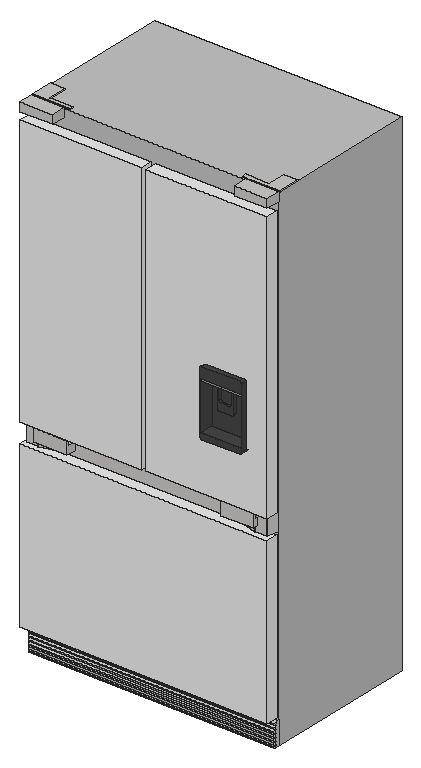
Revit family "FP-Revit20-RS90AU1-FrenchDoorFridgeFreezer-0-90005033A-NZ-AU-UK-IE-EU-CN-ASIA", category Specialty Equipment, Revit 2020 (continued)
Definition of nested family "F&P Handle Kit - Contemporary Round - Horizontal"
  Lines and regions (mm)
    sketch lines
      curve 2: arc (373, -32.3, -8.7) -> (373, -41, 0) -> (373, -32.3, 8.7) r 8.7
      curve 3: line (373, -32.3, -8.7) -> (373, 0, -8.7)
      curve 4: line (-373, -32.3, 8.7) -> (-373, 0, 8.7)
      curve 5: arc (-373, -32.3, 8.7) -> (-373, -41, 0) -> (-373, -32.3, -8.7) r 8.7
      curve 6: line (-373, 0, -8.7) -> (-373, -32.3, -8.7)
  Dimensions and locks
    equal spacing: plane 4 "Product LHS", plane 3 "Center (Left/Right)", plane 5 "Product RHS"
    "Product - Width": plane 4 "Product LHS" to plane 5 "Product RHS"
    locked: plane 4 "Product LHS" to plane 6 "LHS Standoff" at 120.005
    locked: plane 7 "RHS Standoff" to plane 5 "Product RHS" at 119.995
    equal spacing: Extrusion 2 sketch curve, level, Extrusion 2 sketch curve
    Extrusion 3 sketch curve to Extrusion 3 sketch curve = 17.4 mm
    Extrusion 6 sketch curve to Extrusion 6 sketch curve = 17.4 mm
    Extrusion 7 sketch curve to Extrusion 7 sketch curve = 17.4 mm
    aligned and locked: level to plane 2
    aligned and locked: plane 7 "RHS Standoff" to Extrusion 1
    aligned and locked: Extrusion 2 to Extrusion 1
    aligned and locked: Extrusion 2 to plane 5 "Product RHS"
    aligned and locked: plane 4 "Product LHS" to Extrusion 3
    aligned and locked: plane 6 "LHS Standoff" to Extrusion 3
    aligned and locked: Extrusion 1 to plane 6 "LHS Standoff"
    aligned and locked: Extrusion 6 to Extrusion 1
    aligned and locked: Extrusion 6 to plane 5 "Product RHS"
    aligned and locked: plane 4 "Product LHS" to Extrusion 7
    aligned and locked: Extrusion 7 to Extrusion 1
  Automatic sketch dimensions
    Extrusion 1 sketch curve to level = 0 mm
    plane 1 "Center (Front/Back)" to Extrusion 1 sketch curve = 32.3 mm
    Extrusion 2 sketch curve to plane 1 "Center (Front/Back)" = 0 mm
    Extrusion 2 sketch curve to level = 8.7 mm
    plane 1 "Center (Front/Back)" to Extrusion 2 sketch curve = 32.3 mm
    Extrusion 3 sketch curve to level = 0 mm
    Extrusion 3 sketch curve to plane 1 "Center (Front/Back)" = 0 mm
    Extrusion 3 sketch curve to level = 8.7 mm
    plane 1 "Center (Front/Back)" to Extrusion 3 sketch curve = 32.3 mm
    Sweep 4 sketch curve to profile plane = 0 mm
    profile plane to Sweep 4 sketch curve = 0 mm
    profile plane to Sweep 4 sketch curve = 1 mm
    Sweep 4 sketch curve to profile plane = 1 mm
    Sweep 5 sketch curve to profile plane = 0 mm  (x2)
    profile plane to Sweep 5 sketch curve = 1 mm
    Sweep 5 sketch curve to profile plane = 1 mm
    Extrusion 6 sketch curve to level = 0 mm
    level to Extrusion 6 sketch curve = 8.7 mm
    plane 1 "Center (Front/Back)" to Extrusion 6 sketch curve = 32.3 mm
    Extrusion 6 sketch curve to Extrusion 6 sketch curve = 32.3 mm
    Extrusion 7 sketch curve to level = 0 mm
    level to Extrusion 7 sketch curve = 8.7 mm
    plane 1 "Center (Front/Back)" to Extrusion 7 sketch curve = 32.3 mm
    Extrusion 7 sketch curve to Extrusion 7 sketch curve = 32.3 mm
    radius of Extrusion 1 sketch curve = 8.7 mm
Definition of nested family "F&P Handle Kit - Contemporary Round - Vertical"
  Parameters (values of type "25374 AHS-ASBI-A - Contemporary round handle (1 of 2) (Vertical) 727mm")
    URL = "www.fisherpaykel.com"
    Material - Handle = none
    Manufacturer = "Fisher & Paykel Appliances"
    Handle - Length = 727 mm
    Description = "Kit for RS36"
    Default Elevation = 0 mm
  Types (10, lengths in mm): name | Handle - Length | Description
    AHS-RD21 - Contemporary round handle (Vertical) 852mm | 852 | ""
    AHSRD2484W - Contemporary round handle (1 of 2) (Vertical) 727mm | 727 | ""
    AHSRD3084W - Contemporary round handle (1 of 2) (Vertical) 727mm | 727 | ""
    AHS-RD84 - Contemporary round handle (Vertical) 852mm | 852 | ""
    AHSRS3272A - Contemporary round handle (1 of 2) (Vertical) 727mm | 727 | ""
    AHSRS80A - Contemporary round handle (1 of 2) (Vertical) 727mm | 727 | ""
    AHSRD6121W - Contemporary round handle (1 of 2) (Vertical) 727mm | 727 | ""
    AHSRD7621W - Contemporary round handle (1 of 2) (Vertical) 727mm | 727 | ""
    25329 AHS-ASBI-A - Contemporary round handle (1 of 2) (Vertical) 727mm | 727 | "Kit for RS90"
    25374 AHS-ASBI-A - Contemporary round handle (1 of 2) (Vertical) 727mm | 727 | "Kit for RS36"
  Reference planes
    plane 1 "Center (Front/Back)": y = 0
    plane 2: z = 0
    plane 3 "Center (Left/Right)": x = 0
    plane 4 "Top": z = 363.5
    plane 5 "Bottom": z = -363.5
    plane 6 "Top Standoff": z = 243.5
    plane 7 "Bottom Standoff": z = -243.5
  Forms (mm)
    Extrusion 1, solid, material <- "Material - Handle"
      sketch origin (0, 0, 0) x (1, 0, 0) y (0, 1, 0)
        loop
          circle (0, -32.3) r 8.7
      from -243.5 to 243.5
    Extrusion 2, solid, material <- "Material - Handle", detail levels fine
      sketch origin (0, 0, 0) x (1, 0, 0) y (0, 1, 0)
        loop
          line (-8.7, 0) -> (-8.7, -32.3)
          arc (-8.7, -32.3) -> (0, -41) -> (8.7, -32.3) r 8.7
          line (8.7, -32.3) -> (8.7, 0) -> (-8.7, 0)
      from 243.5 to 363.5
    Extrusion 3, solid, material <- "Material - Handle", detail levels fine
      sketch origin (0, 0, 0) x (1, 0, 0) y (0, 1, 0)
        loop
          line (-8.7, 0) -> (-8.7, -32.3)
          arc (-8.7, -32.3) -> (0, -41) -> (8.7, -32.3) r 8.7
          line (8.7, -32.3) -> (8.7, 0) -> (-8.7, 0)
      from -363.5 to -243.5
    Sweep 4, void
      path in 3D
        loop
          line (8.7, 0, -363.5) -> (8.7, -32.3, -363.5)
          arc (8.7, -32.3, -363.5) -> (0, -41, -363.5) -> (-8.7, -32.3, -363.5) r 8.7
          line (-8.7, -32.3, -363.5) -> (-8.7, 0, -363.5)
      profile origin (8.7, -16.15, -363.5) x (-1, 0, 0) y (0, 0, -1)
        loop
          line (0, 0) -> (0, -1) -> (1, 0) -> (0, 0)
    Sweep 5, void
      path in 3D
        loop
          line (-8.7, 0, 363.5) -> (-8.7, -32.3, 363.5)
          arc (-8.7, -32.3, 363.5) -> (0, -41, 363.5) -> (8.7, -32.3, 363.5) r 8.7
          line (8.7, -32.3, 363.5) -> (8.7, 0, 363.5)
      profile origin (8.7, -16.15, 363.5) x (-1, 0, 0) y (0, 0, 1)
        loop
          line (0, 0) -> (0, -1) -> (1, 0) -> (0, 0)
    Extrusion 6, solid, material <- "Material - Handle", detail levels coarse+medium
      sketch origin (0, 0, 0) x (1, 0, 0) y (0, 1, 0)
        loop
          line (-8.7, 0) -> (-8.7, -32.3)
          arc (-8.7, -32.3) -> (0, -41) -> (8.7, -32.3) r 8.7
          line (8.7, -32.3) -> (8.7, 0) -> (-8.7, 0)
      from 243.5 to 363.5
    Extrusion 7, solid, material <- "Material - Handle", detail levels coarse+medium
      sketch origin (0, 0, 0) x (1, 0, 0) y (0, 1, 0)
        loop
          line (-8.7, 0) -> (-8.7, -32.3)
          arc (-8.7, -32.3) -> (0, -41) -> (8.7, -32.3) r 8.7
          line (8.7, -32.3) -> (8.7, 0) -> (-8.7, 0)
      from -363.5 to -243.5
  Cuts and joins
    Sweep 4 cuts Extrusion 3
    Sweep 5 cuts Extrusion 2
  Lines and regions (mm)
    sketch lines
      curve 1: line (8.7, 0, -363.5) -> (8.7, -32.3, -363.5)
      curve 2: arc (-8.7, -32.3, -363.5) -> (0, -41, -363.5) -> (8.7, -32.3, -363.5) r 8.7
      curve 3: line (-8.7, -32.3, -363.5) -> (-8.7, 0, -363.5)
      curve 4: line (8.7, -32.3, 363.5) -> (8.7, 0, 363.5)
      curve 5: arc (8.7, -32.3, 363.5) -> (0, -41, 363.5) -> (-8.7, -32.3, 363.5) r 8.7
      curve 6: line (-8.7, 0, 363.5) -> (-8.7, -32.3, 363.5)
  Dimensions and locks
    equal spacing: plane 4 "Top", level, plane 5 "Bottom"
    "Handle - Length": plane 4 "Top" to plane 5 "Bottom"
    locked: plane 4 "Top" to plane 6 "Top Standoff" at 120
    locked: plane 7 "Bottom Standoff" to plane 5 "Bottom" at 120
    Extrusion 2 sketch curve to Extrusion 2 sketch curve = 17.4 mm
    Extrusion 3 sketch curve to Extrusion 3 sketch curve = 17.4 mm
    Extrusion 6 sketch curve to Extrusion 6 sketch curve = 17.4 mm
    Extrusion 7 sketch curve to Extrusion 7 sketch curve = 17.4 mm
    aligned and locked: level to plane 2
    aligned and locked: plane 4 "Top" to Extrusion 2
    aligned and locked: Extrusion 3 to plane 5 "Bottom"
    aligned and locked: plane 7 "Bottom Standoff" to Extrusion 3
    aligned and locked: Extrusion 1 to plane 7 "Bottom Standoff"
    aligned and locked: plane 6 "Top Standoff" to Extrusion 1
    aligned and locked: Extrusion 2 to Extrusion 1
    aligned and locked: Extrusion 6 to Extrusion 1
    aligned and locked: plane 4 "Top" to Extrusion 6
    aligned and locked: Extrusion 7 to Extrusion 1
    aligned and locked: Extrusion 7 to plane 5 "Bottom"
  Automatic sketch dimensions
    Extrusion 1 sketch curve to plane 3 "Center (Left/Right)" = 0 mm
    plane 1 "Center (Front/Back)" to Extrusion 1 sketch curve = 32.3 mm
    plane 1 "Center (Front/Back)" to Extrusion 2 sketch curve = 0 mm
    Extrusion 2 sketch curve to plane 3 "Center (Left/Right)" = 0 mm
    Extrusion 2 sketch curve to plane 3 "Center (Left/Right)" = 8.7 mm
    plane 1 "Center (Front/Back)" to Extrusion 2 sketch curve = 32.3 mm
    plane 1 "Center (Front/Back)" to Extrusion 3 sketch curve = 0 mm
    Extrusion 3 sketch curve to plane 3 "Center (Left/Right)" = 0 mm
    Extrusion 3 sketch curve to plane 3 "Center (Left/Right)" = 8.7 mm
    plane 1 "Center (Front/Back)" to Extrusion 3 sketch curve = 32.3 mm
    Sweep 4 sketch curve to profile plane = 0 mm  (x2)
    Sweep 4 sketch curve to profile plane = 1 mm  (x2)
    Sweep 5 sketch curve to profile plane = 0 mm  (x2)
    Sweep 5 sketch curve to profile plane = 1 mm  (x2)
    Extrusion 6 sketch curve to plane 3 "Center (Left/Right)" = 0 mm
    Extrusion 6 sketch curve to plane 3 "Center (Left/Right)" = 8.7 mm
    plane 1 "Center (Front/Back)" to Extrusion 6 sketch curve = 32.3 mm
    Extrusion 6 sketch curve to Extrusion 6 sketch curve = 32.3 mm
    Extrusion 7 sketch curve to plane 3 "Center (Left/Right)" = 0 mm
    Extrusion 7 sketch curve to plane 3 "Center (Left/Right)" = 8.7 mm
    plane 1 "Center (Front/Back)" to Extrusion 7 sketch curve = 32.3 mm
    Extrusion 7 sketch curve to Extrusion 7 sketch curve = 32.3 mm
    radius of Extrusion 1 sketch curve = 8.7 mm
Definition of nested family "F&P Handle Kit - Contemporary Square Fine - Horizontal"
  Parameters (values of type "AHD5RD80AB - Contemporary square fine black handle (2 of 2) (Horizontal) 646mm")
    URL = "www.fisherpaykel.com"
    Material - Handle = none
    Manufacturer = "Fisher & Paykel Appliances"
    Handle - Length = 646 mm
    Default Elevation = 0 mm
  Types (14, lengths in mm): name | Handle - Length
    AHD5RD2484W - Contemporary square fine handle (2 of 2) (Horizontal) 494mm | 494
    AHD5RD2484WB - Contemporary square fine black handle (2 of 2) (Horizontal) 494mm | 494
    AHD5RD3084W - Contemporary square fine handle (2 of 2) (Horizontal) 646mm | 646
    AHD5RD3084WB - Contemporary square fine black handle (2 of 2) (Horizontal) 646mm | 646
    AHD5RD7621W - Contemporary square fine handle (2 of 2) (Horizontal) 646mm | 646
    AHD5RD7621WB - Contemporary square fine handle black (2 of 2) (Horizontal) 646mm | 646
    AHD5RD6121W - Contemporary square fine handle (2 of 2) (Horizontal) 494mm | 494
    AHD5RD6121WB - Contemporary square fine handle black (2 of 2) (Horizontal) 494mm | 494
    AHD5RD36A - Contemporary square fine handle (2 of 2) (Horizontal) 746mm | 746
    AHD5RD36AB - Contemporary square fine black handle (2 of 2) (Horizontal) 746mm | 746
    AHD5RD90A - Contemporary square fine handle (2 of 2) (Horizontal) 746mm | 746
    AHD5RD80A - Contemporary square fine handle (2 of 2) (Horizontal) 646mm | 646
    AHD5RD80AB - Contemporary square fine black handle (2 of 2) (Horizontal) 646mm | 646
    AHD5RD90AB - Contemporary square fine black handle (2 of 2) (Horizontal) 746mm | 746
  Reference planes
    plane 1 "Center (Front/Back)": y = 0
    plane 2: z = 0
    plane 3 "Center (Left/Right)": x = 0
    plane 4 "Product LHS": x = -323
    plane 5 "Product RHS": x = 323
    plane 6 "LHS Standoff": x = -202.995
    plane 7 "RHS Standoff": x = 203.005
  Forms (mm)
    Extrusion 1, solid, material <- "Material - Handle", detail levels fine
      sketch origin (0, 0, 0) x (0, 1, 0) y (0, 0, 1)
        loop
          arc (-26.813, 6.16) -> (-27.196, 6.554) -> (-27.728, 6.686) r 1
          line (-27.728, 6.686) -> (-40.035, 6.256)
          arc (-40.035, 6.256) -> (-40.719, 5.951) -> (-41, 5.257) r 1
          line (-41, 5.257) -> (-41, -5.257)
          arc (-41, -5.257) -> (-40.719, -5.951) -> (-40.035, -6.256) r 1
          line (-40.035, -6.256) -> (-27.709, -6.686)
          arc (-27.709, -6.686) -> (-27.175, -6.554) -> (-26.792, -6.158) r 1
          arc (-26.792, -6.158) -> (-25.256, 0.004) -> (-26.813, 6.16) r 13.038
      from -323 to 323
    Extrusion 2, solid, material <- "Material - Handle", detail levels fine
      sketch origin (0, 0, 0) x (0, 1, 0) y (0, 0, 1)
        loop
          arc (-26.626, -6.008) -> (-26.614, -6.49) -> (-26.2, -6.737) r 0.5
          line (-26.2, -6.737) -> (0, -7.696) -> (0, 7.704) -> (-26.174, 6.747)
          arc (-26.174, 6.747) -> (-26.587, 6.5) -> (-26.6, 6.019) r 0.5
          arc (-26.6, 6.019) -> (-25.156, 0.002) -> (-26.626, -6.008) r 13.136
      from 203.005 to 323
    Extrusion 3, solid, material <- "Material - Handle", detail levels coarse+medium
      sketch origin (0, 0, 0) x (1, 0, 0) y (0, 1, 0)
        loop
          line (-323, -42) -> (323, -42) -> (323, 0) -> (203.005, 0) -> (203.005, -26.156) -> (-202.995, -26.156) -> (-202.995, 0) -> (-323, 0) -> (-323, -42)
      from -8.022 to 7.978
    Extrusion 4, solid, material <- "Material - Handle", detail levels fine
      sketch origin (0, 0, 0) x (0, 1, 0) y (0, 0, 1)
        loop
          arc (-26.626, -6.008) -> (-26.614, -6.49) -> (-26.2, -6.737) r 0.5
          line (-26.2, -6.737) -> (0, -7.696) -> (0, 7.704) -> (-26.174, 6.747)
          arc (-26.174, 6.747) -> (-26.587, 6.5) -> (-26.6, 6.019) r 0.5
          arc (-26.6, 6.019) -> (-25.156, 0.002) -> (-26.626, -6.008) r 13.136
      from -323 to -202.995
  Dimensions and locks
    equal spacing: plane 4 "Product LHS", plane 3 "Center (Left/Right)", plane 5 "Product RHS"
    "Handle - Length": plane 4 "Product LHS" to plane 5 "Product RHS"
    locked: plane 4 "Product LHS" to plane 6 "LHS Standoff" at 120.005
    locked: plane 7 "RHS Standoff" to plane 5 "Product RHS" at 119.995
    aligned and locked: level to plane 2
    aligned and locked: Extrusion 1 to plane 5 "Product RHS"
    aligned and locked: plane 4 "Product LHS" to Extrusion 1
    aligned and locked: Extrusion 2 to plane 5 "Product RHS"
    aligned and locked: plane 4 "Product LHS" to Extrusion 3 sketch curve
    aligned and locked: Extrusion 3 sketch curve to plane 5 "Product RHS"
    aligned and locked: Extrusion 3 sketch curve to plane 7 "RHS Standoff"
    aligned and locked: plane 6 "LHS Standoff" to Extrusion 3 sketch curve
    aligned and locked: plane 4 "Product LHS" to Extrusion 4
    aligned and locked: plane 6 "LHS Standoff" to Extrusion 4
    aligned and locked: Extrusion 2 to plane 7 "RHS Standoff"
  Automatic sketch dimensions
    Extrusion 1 sketch curve to level = 5.257 mm
    plane 1 "Center (Front/Back)" to Extrusion 1 sketch curve = 41 mm
    level to Extrusion 1 sketch curve = 6.256 mm
    Extrusion 1 sketch curve to Extrusion 1 sketch curve = 0.965 mm  (x2)
    Extrusion 1 sketch curve to level = 6.256 mm
    Extrusion 1 sketch curve to Extrusion 1 sketch curve = 0.035 mm  (x3)
    Extrusion 1 sketch curve to level = 0.018 mm
    Extrusion 1 sketch curve to Extrusion 1 sketch curve = 1.706 mm
    level to Extrusion 1 sketch curve = 6.686 mm
    Extrusion 1 sketch curve to Extrusion 1 sketch curve = 12.307 mm
    Extrusion 1 sketch curve to level = 6.686 mm
    Extrusion 1 sketch curve to Extrusion 1 sketch curve = 12.326 mm
    Extrusion 1 sketch curve to Extrusion 1 sketch curve = 0.999 mm  (x2)
    Extrusion 1 sketch curve to Extrusion 1 sketch curve = 0 mm
    Extrusion 2 sketch curve to plane 1 "Center (Front/Back)" = 0 mm
    level to Extrusion 2 sketch curve = 6.247 mm
    plane 1 "Center (Front/Back)" to Extrusion 2 sketch curve = 26.155 mm
    level to Extrusion 2 sketch curve = 6.747 mm
    Extrusion 2 sketch curve to Extrusion 2 sketch curve = 0.018 mm  (x2)
    Extrusion 2 sketch curve to level = 6.238 mm
    Extrusion 2 sketch curve to Extrusion 2 sketch curve = 0.026 mm
    Extrusion 2 sketch curve to level = 6.737 mm
    level to Extrusion 2 sketch curve = 0.03 mm
    Extrusion 2 sketch curve to Extrusion 2 sketch curve = 12.11 mm
    Extrusion 2 sketch curve to level = 7.696 mm
    level to Extrusion 2 sketch curve = 7.704 mm
    Extrusion 2 sketch curve to Extrusion 2 sketch curve = 0 mm
    plane 1 "Center (Front/Back)" to Extrusion 3 sketch curve = 42 mm
    Extrusion 3 sketch curve to Extrusion 3 sketch curve = 15.844 mm
    Extrusion 3 sketch curve to Extrusion 3 sketch curve = 26.156 mm  (x2)
    level to Extrusion 4 sketch curve = 0.03 mm
    plane 1 "Center (Front/Back)" to Extrusion 4 sketch curve = 38.291 mm
    Extrusion 4 sketch curve to level = 6.737 mm
    Extrusion 4 sketch curve to Extrusion 4 sketch curve = 12.091 mm
    Extrusion 4 sketch curve to Extrusion 4 sketch curve = 0.018 mm  (x2)
    level to Extrusion 4 sketch curve = 6.747 mm
    Extrusion 4 sketch curve to Extrusion 4 sketch curve = 0.008 mm
    level to Extrusion 4 sketch curve = 7.704 mm
    Extrusion 4 sketch curve to Extrusion 4 sketch curve = 26.174 mm
    Extrusion 4 sketch curve to level = 7.696 mm
    Extrusion 4 sketch curve to Extrusion 4 sketch curve = 0.5 mm  (x2)
    Extrusion 4 sketch curve to Extrusion 4 sketch curve = 0 mm
Definition of nested family "F&P Handle Kit - Contemporary Square Fine - Vertical"
  Parameters (values of type "AHD5RD90AB - Contemporary square fine black handle (1 of 2) (Vertical) 727mm")
    URL = "www.fisherpaykel.com"
    Material - Handle = none
    Manufacturer = "Fisher & Paykel Appliances"
    Handle - Length = 727 mm
    Default Elevation = 0 mm
  Types (14): name
    AHD5RD2484W - Contemporary square fine handle (1 of 2) (Vertical) 727mm
    AHD5RD2484WB - Contemporary square fine black handle (1 of 2) (Vertical) 727mm
    AHD5RD3084W - Contemporary square fine handle (1 of 2) (Vertical) 727mm
    AHD5RD3084WB - Contemporary square fine black handle (1 of 2) (Vertical) 727mm
    AHD5RD6121W - Contemporary square fine handle (1 of 2) (Vertical) 727mm
    AHD5RD6121WB - Contemporary square fine black handle (1 of 2) (Vertical) 727mm
    AHD5RD7621W - Contemporary square fine handle (1 of 2) (Vertical) 727mm
    AHD5RD7621WB - Contemporary square fine black handle (1 of 2) (Vertical) 727mm
    AHD5RD36A - Contemporary square fine handle (1 of 2) (Vertical) 727mm
    AHD5RD36AB - Contemporary square fine black handle (1 of 2) (Vertical) 727mm
    AHD5RD80A - Contemporary square fine handle (1 of 2) (Vertical) 727mm
    AHD5RD90A - Contemporary square fine handle (1 of 2) (Vertical) 727mm
    AHD5RD80AB - Contemporary square fine black handle (1 of 2) (Vertical) 727mm
    AHD5RD90AB - Contemporary square fine black handle (1 of 2) (Vertical) 727mm
  Reference planes
    plane 1 "Center (Front/Back)": y = 0
    plane 2: z = 0
    plane 3 "Center (Left/Right)": x = 0
    plane 4 "Top": z = 363.5
    plane 5 "Bottom": z = -363.5
    plane 6 "Top Standoff": z = 243.5
    plane 7 "Bottom Standoff": z = -243.5
  Forms (mm)
    Extrusion 1, solid, material <- "Material - Handle", detail levels fine
      sketch origin (0, 0, 0) x (1, 0, 0) y (0, 1, 0)
        loop
          arc (-6.16, -26.813) -> (-6.554, -27.196) -> (-6.686, -27.728) r 1
          line (-6.686, -27.728) -> (-6.256, -40.035)
          arc (-6.256, -40.035) -> (-5.951, -40.719) -> (-5.257, -41) r 1
          line (-5.257, -41) -> (5.257, -41)
          arc (5.257, -41) -> (5.951, -40.719) -> (6.256, -40.035) r 1
          line (6.256, -40.035) -> (6.686, -27.709)
          arc (6.686, -27.709) -> (6.554, -27.175) -> (6.158, -26.792) r 1
          arc (6.158, -26.792) -> (-0.004, -25.256) -> (-6.16, -26.813) r 13.038
      from -363.5 to 363.5
    Extrusion 2, solid, material <- "Material - Handle", detail levels fine
      sketch origin (0, 0, 0) x (1, 0, 0) y (0, 1, 0)
        loop
          arc (6.012, -26.626) -> (6.494, -26.614) -> (6.741, -26.2) r 0.5
          line (6.741, -26.2) -> (7.7, 0) -> (-7.7, 0) -> (-6.742, -26.174)
          arc (-6.742, -26.174) -> (-6.496, -26.587) -> (-6.015, -26.6) r 0.5
          arc (-6.015, -26.6) -> (0.002, -25.156) -> (6.012, -26.626) r 13.136
      from 243.5 to 363.5
    Extrusion 3, solid, material <- "Material - Handle", detail levels coarse+medium
      sketch origin (0, 0, 0) x (0, 1, 0) y (0, 0, 1)
        loop
          line (0, 363.5) -> (-42, 363.5) -> (-42, -363.5) -> (0, -363.5) -> (0, -243.5) -> (-26.245, -243.5) -> (-26.245, 243.5) -> (0, 243.5) -> (0, 363.5)
      from -8 to 8
    Extrusion 4, solid, material <- "Material - Handle", detail levels fine
      sketch origin (0, 0, 0) x (1, 0, 0) y (0, 1, 0)
        loop
          arc (6.012, -26.626) -> (6.494, -26.614) -> (6.741, -26.2) r 0.5
          line (6.741, -26.2) -> (7.7, 0) -> (-7.7, 0) -> (-6.742, -26.174)
          arc (-6.742, -26.174) -> (-6.496, -26.587) -> (-6.015, -26.6) r 0.5
          arc (-6.015, -26.6) -> (0.002, -25.156) -> (6.012, -26.626) r 13.136
      from -363.5 to -243.5
  Dimensions and locks
    equal spacing: plane 4 "Top", level, plane 5 "Bottom"
    "Handle - Length": plane 4 "Top" to plane 5 "Bottom"
    locked: plane 4 "Top" to plane 6 "Top Standoff" at 120
    locked: plane 7 "Bottom Standoff" to plane 5 "Bottom" at 120
    aligned and locked: level to plane 2
    aligned and locked: plane 4 "Top" to Extrusion 2
    aligned and locked: Extrusion 2 to plane 6 "Top Standoff"
    aligned and locked: plane 4 "Top" to Extrusion 1
    aligned and locked: Extrusion 1 to plane 5 "Bottom"
    aligned and locked: plane 4 "Top" to Extrusion 3 sketch curve
    aligned and locked: plane 6 "Top Standoff" to Extrusion 3 sketch curve
    aligned and locked: plane 7 "Bottom Standoff" to Extrusion 3 sketch curve
    aligned and locked: plane 5 "Bottom" to Extrusion 3 sketch curve
    aligned and locked: Extrusion 4 to plane 5 "Bottom"
    aligned and locked: plane 7 "Bottom Standoff" to Extrusion 4
  Automatic sketch dimensions
    Extrusion 1 sketch curve to plane 3 "Center (Left/Right)" = 6.686 mm
    Extrusion 1 sketch curve to plane 3 "Center (Left/Right)" = 6.256 mm
    Extrusion 1 sketch curve to Extrusion 1 sketch curve = 0.999 mm  (x4)
    plane 3 "Center (Left/Right)" to Extrusion 1 sketch curve = 0.018 mm
    plane 3 "Center (Left/Right)" to Extrusion 1 sketch curve = 5.257 mm
    plane 3 "Center (Left/Right)" to Extrusion 1 sketch curve = 5.687 mm
    plane 1 "Center (Front/Back)" to Extrusion 1 sketch curve = 41 mm
    Extrusion 1 sketch curve to Extrusion 1 sketch curve = 0.965 mm  (x2)
    Extrusion 1 sketch curve to Extrusion 1 sketch curve = 1.706 mm
    Extrusion 1 sketch curve to Extrusion 1 sketch curve = 12.307 mm
    Extrusion 1 sketch curve to Extrusion 1 sketch curve = 12.326 mm
    Extrusion 1 sketch curve to Extrusion 1 sketch curve = 0.035 mm  (x2)
    Extrusion 1 sketch curve to Extrusion 1 sketch curve = 0 mm
    plane 1 "Center (Front/Back)" to Extrusion 2 sketch curve = 0 mm
    Extrusion 2 sketch curve to plane 3 "Center (Left/Right)" = 7.7 mm
    Extrusion 2 sketch curve to plane 3 "Center (Left/Right)" = 6.742 mm
    Extrusion 2 sketch curve to Extrusion 2 sketch curve = 0.5 mm  (x2)
    Extrusion 2 sketch curve to plane 3 "Center (Left/Right)" = 0.026 mm
    plane 3 "Center (Left/Right)" to Extrusion 2 sketch curve = 6.242 mm
    plane 3 "Center (Left/Right)" to Extrusion 2 sketch curve = 7.7 mm
    plane 1 "Center (Front/Back)" to Extrusion 2 sketch curve = 26.155 mm
    Extrusion 2 sketch curve to Extrusion 2 sketch curve = 0.018 mm  (x2)
    Extrusion 2 sketch curve to Extrusion 2 sketch curve = 0.026 mm
    Extrusion 2 sketch curve to Extrusion 2 sketch curve = 12.11 mm
    Extrusion 2 sketch curve to Extrusion 2 sketch curve = 0 mm
    plane 1 "Center (Front/Back)" to Extrusion 3 sketch curve = 42 mm
    Extrusion 3 sketch curve to Extrusion 3 sketch curve = 15.755 mm
    Extrusion 3 sketch curve to Extrusion 3 sketch curve = 42 mm  (x2)
    Extrusion 4 sketch curve to plane 3 "Center (Left/Right)" = 7.7 mm
    Extrusion 4 sketch curve to plane 3 "Center (Left/Right)" = 6.742 mm
    Extrusion 4 sketch curve to Extrusion 4 sketch curve = 0.5 mm  (x2)
    Extrusion 4 sketch curve to plane 3 "Center (Left/Right)" = 0.026 mm
    plane 3 "Center (Left/Right)" to Extrusion 4 sketch curve = 6.242 mm
    plane 3 "Center (Left/Right)" to Extrusion 4 sketch curve = 7.7 mm
    plane 1 "Center (Front/Back)" to Extrusion 4 sketch curve = 38.291 mm
    Extrusion 4 sketch curve to Extrusion 4 sketch curve = 12.091 mm
    Extrusion 4 sketch curve to Extrusion 4 sketch curve = 0.018 mm  (x2)
    Extrusion 4 sketch curve to Extrusion 4 sketch curve = 0.452 mm
    Extrusion 4 sketch curve to Extrusion 4 sketch curve = 26.174 mm
    Extrusion 4 sketch curve to Extrusion 4 sketch curve = 0 mm
Definition of nested family "Comment Marker 2D"
  Types (3): name
    New
    Resolved
    Active
  Reference planes
    plane 1: y = 0
    plane 2: x = 0
  Text (mm)
    text "Edit Type: \nTo control handle kit \nand door panel visibility\n options\n\nDelete unwanted kits \nto reduce file size" at (-0.165, 35.556, 0)
